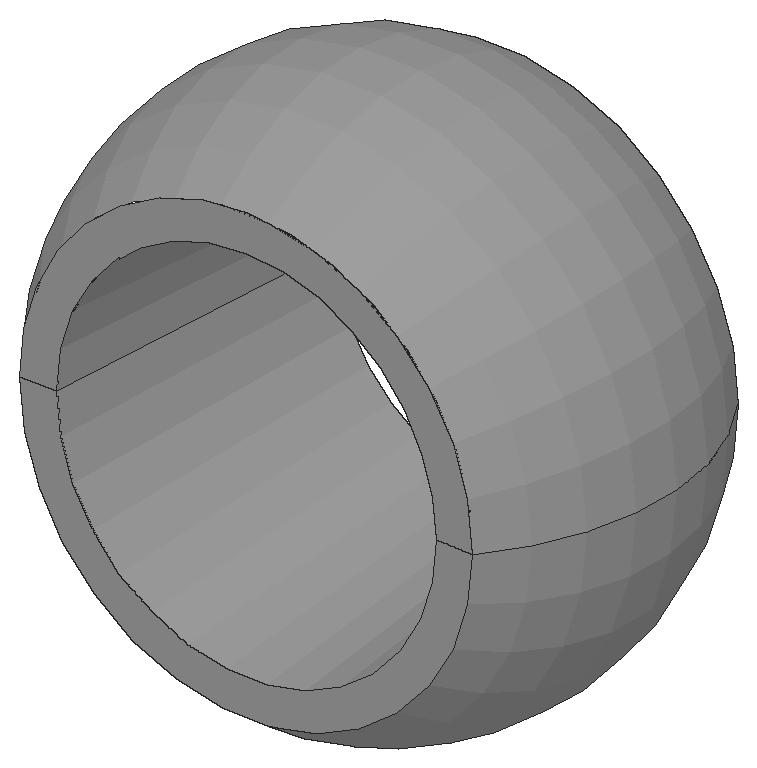
Revit family "VK110", category Sprinklers, Revit 2012
Parameters
  URL = "http://www.vikinggroupinc.com/databook/sprinklers/standard/sr/stcov/030492.pdf"
  Model = "VK110"
  Manufacturer = "Viking"
  K-Factor = 5.6
Reference planes (in)
  plane 1 "Center (Front/Back)": y = 0
  plane 2: z = 0
  plane 3 "Center (Left/Right)": x = 0
  plane 4 "Threads": y = -0.54126
Forms (in)
  Revolve 1, solid, material "Default"
    sketch origin (0, 0, 0) x (1, 0, 0) y (0, 1, 0)
      loop
        arc (-0.37599, -0.40787) -> (-0.4523, -0.66011) -> (-0.35738, -0.90596) r 0.4053
        line (-0.35738, -0.90596) -> (-0.29993, -0.90596) -> (-0.25635, -0.40787) -> (-0.37599, -0.40787)
      axis (0, -0.40787) -> (0, -0.90596)
    angle from 0 to 360
Dimensions and locks (in)
  aligned and locked: plane 2 to level
Connectors (in)
  piping at (0, -0.54126, 0)
    settings: index 1, connector radius 1", flow factor 0, pipe flow 0 GPM, pressure drop 0.00 psi, fitting loss kfactor 0, connector angle 0.00°, fixture units 0, engagement length 0' - 0", flow configuration 0, flow direction 0, fitting loss method 0, system type 7, joint type 0, gender type 0, connector reference index -1, connector utility 0, adjustable connector no, is connector primary yes, fitting loss table "", connector description ""
